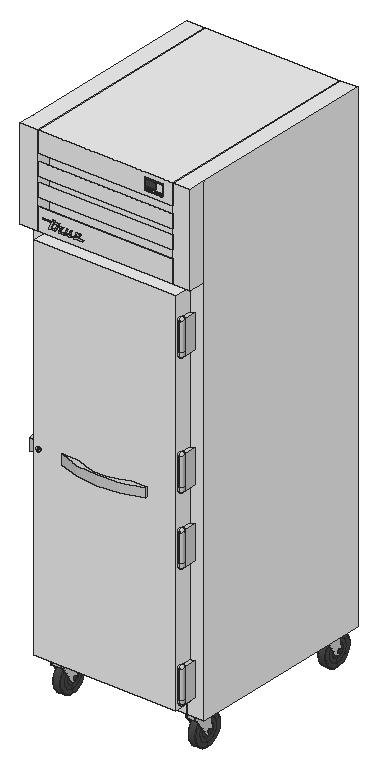
Revit family (continued)
Automatic sketch dimensions
  Revolve 29 sketch curve to plane 7 = 0.62954"
  Revolve 29 sketch curve to plane 4 "RIGHT" = 4.14082"
  Revolve 29 sketch curve to Revolve 29 sketch curve = 1.29707"
  Revolve 29 sketch curve to Revolve 29 sketch curve = 0"
  Revolve 29 sketch curve to Revolve 29 sketch curve = 0.10278"
  Revolve 29 sketch curve to plane 7 = 0.00141"
  plane 7 to Revolve 29 sketch curve = 0.26768"
  Revolve 30 sketch curve to level = 0"
  Revolve 30 sketch curve to plane 7 = 0"
  Revolve 30 sketch curve to plane 4 "RIGHT" = 4.17713"
  level to Revolve 30 sketch curve = 1"
  Revolve 30 sketch curve to plane 4 "RIGHT" = 3 19/32"
  Revolve 30 sketch curve to Revolve 30 sketch curve = 1/4"
  Revolve 30 sketch curve to Revolve 30 sketch curve = 1/2"
  Revolve 30 sketch curve to Revolve 30 sketch curve = 0"
  Revolve 30 sketch curve to Revolve 30 sketch curve = 5/8"
  plane 7 to Revolve 30 sketch curve = 1 25/32"
  Revolve 31 sketch curve to level = 0"
  Revolve 31 sketch curve to plane 7 = 0"
  Revolve 31 sketch curve to plane 4 "RIGHT" = 4.17713"
  level to Revolve 31 sketch curve = 1"
  Revolve 31 sketch curve to plane 4 "RIGHT" = 3 19/32"
  Revolve 31 sketch curve to Revolve 31 sketch curve = 1/4"
  Revolve 31 sketch curve to Revolve 31 sketch curve = 1/2"
  Revolve 31 sketch curve to Revolve 31 sketch curve = 0"
  Revolve 31 sketch curve to Revolve 31 sketch curve = 5/8"
  plane 7 to Revolve 31 sketch curve = 1 25/32"
  Revolve 32 sketch curve to plane 7 = 0.62954"
  Revolve 32 sketch curve to plane 4 "RIGHT" = 4.14082"
  Revolve 32 sketch curve to Revolve 32 sketch curve = 1.29707"
  Revolve 32 sketch curve to Revolve 32 sketch curve = 0"
  Revolve 32 sketch curve to Revolve 32 sketch curve = 0.10278"
  Revolve 32 sketch curve to plane 7 = 0.00141"
  plane 7 to Revolve 32 sketch curve = 0.26768"
  Extrusion 33 sketch curve to plane 7 = 0.63926"  (x2)
  Extrusion 33 sketch curve to plane 5 "FRONT" = 3.79864"
  Extrusion 33 sketch curve to Extrusion 33 sketch curve = 1/4"  (x2)
  Extrusion 33 sketch curve to Extrusion 33 sketch curve = 2 1/2"
  Extrusion 33 sketch curve to plane 7 = 0.93273"  (x2)
  Extrusion 33 sketch curve to Extrusion 33 sketch curve = 0.03603"
  plane 1 "BACK" to Extrusion 33 sketch curve = 3.8577"
  Extrusion 33 sketch curve to plane 7 = 1.24411"
  plane 1 "BACK" to Extrusion 33 sketch curve = 1.1077"
  Revolve 34 sketch curve to plane 4 "RIGHT" = 4.35148"
  Revolve 34 sketch curve to Revolve 34 sketch curve = 0.48273"
  Revolve 34 sketch curve to Revolve 34 sketch curve = 0.4"
  Revolve 34 sketch curve to Revolve 34 sketch curve = 0"  (x2)
  Revolve 34 sketch curve to Revolve 34 sketch curve = 0.1"  (x2)
  Revolve 34 sketch curve to Revolve 34 sketch curve = 0.16101"
  Revolve 34 sketch curve to Revolve 34 sketch curve = 0.75408"
  Revolve 34 sketch curve to Revolve 34 sketch curve = 0.92798"
  Revolve 34 sketch curve to Revolve 34 sketch curve = 0.06101"
  Revolve 34 sketch curve to Revolve 34 sketch curve = 1/2"
  Revolve 34 sketch curve to Revolve 34 sketch curve = 0.16509"
  Revolve 34 sketch curve to Revolve 34 sketch curve = 0.39592"
  level to Revolve 34 sketch curve = 2 1/2"
  Revolve 34 sketch curve to Revolve 34 sketch curve = 0.29941"  (x2)
  Revolve 34 sketch curve to Revolve 34 sketch curve = 3/4"  (x4)
  Revolve 34 sketch curve to Revolve 34 sketch curve = 0.59652"
  Revolve 34 sketch curve to Revolve 34 sketch curve = 0.60059"
  plane 3 "LEFT" to Revolve 35 sketch curve = 1.33602"
  Revolve 35 sketch curve to Revolve 35 sketch curve = 0.48273"
  Revolve 35 sketch curve to plane 8 = 5/8"  (x2)
  Revolve 35 sketch curve to Revolve 35 sketch curve = 0.1"  (x2)
  Revolve 35 sketch curve to Revolve 35 sketch curve = 0.16101"
  plane 8 to Revolve 35 sketch curve = 0.12908"
  plane 8 to Revolve 35 sketch curve = 0.46399"
  plane 8 to Revolve 35 sketch curve = 0.525"
  Revolve 35 sketch curve to Revolve 35 sketch curve = 1/2"
  Revolve 35 sketch curve to Revolve 35 sketch curve = 0.16509"
  Revolve 35 sketch curve to Revolve 35 sketch curve = 0.39592"
  level to Revolve 35 sketch curve = 2 1/2"
  Revolve 35 sketch curve to Revolve 35 sketch curve = 0"
  Revolve 35 sketch curve to Revolve 35 sketch curve = 0.29941"  (x2)
  Revolve 35 sketch curve to Revolve 35 sketch curve = 3/4"  (x4)
  Revolve 35 sketch curve to Revolve 35 sketch curve = 0.59652"
  Revolve 35 sketch curve to Revolve 35 sketch curve = 0.60059"
  Extrusion 36 sketch curve to plane 7 = 0.63926"  (x2)
  Extrusion 36 sketch curve to plane 5 "FRONT" = 3.79864"
  Extrusion 36 sketch curve to Extrusion 36 sketch curve = 1/4"  (x2)
  level to Extrusion 36 sketch curve = 2.18736"  (x2)
  Extrusion 36 sketch curve to Extrusion 36 sketch curve = 1.7492"
  Extrusion 36 sketch curve to Extrusion 36 sketch curve = 0.50669"  (x2)
  Extrusion 36 sketch curve to Extrusion 36 sketch curve = 2 1/2"
  level to Extrusion 36 sketch curve = 2.59003"
  Extrusion 36 sketch curve to Extrusion 36 sketch curve = 0.59966"  (x2)
  plane 1 "BACK" to Extrusion 36 sketch curve = 3.8577"
  plane 1 "BACK" to Extrusion 36 sketch curve = 1.8585"
  plane 1 "BACK" to Extrusion 36 sketch curve = 1.1077"
  Extrusion 36 sketch curve to Extrusion 36 sketch curve = 0.32905"
  Extrusion 36 sketch curve to Extrusion 36 sketch curve = 0.60485"  (x2)
  Extrusion 37 sketch curve to plane 7 = 0.63926"  (x2)
  Extrusion 37 sketch curve to plane 5 "FRONT" = 3.79864"
  Extrusion 37 sketch curve to Extrusion 37 sketch curve = 1/4"  (x2)
  level to Extrusion 37 sketch curve = 2.18736"  (x2)
  Extrusion 37 sketch curve to Extrusion 37 sketch curve = 1.7492"
  Extrusion 37 sketch curve to Extrusion 37 sketch curve = 0.50669"  (x2)
  Extrusion 37 sketch curve to Extrusion 37 sketch curve = 2 1/2"
  level to Extrusion 37 sketch curve = 2.59003"
  Extrusion 37 sketch curve to Extrusion 37 sketch curve = 0.59966"  (x2)
  plane 1 "BACK" to Extrusion 37 sketch curve = 3.8577"
  plane 1 "BACK" to Extrusion 37 sketch curve = 1.8585"
  plane 1 "BACK" to Extrusion 37 sketch curve = 1.1077"
  Extrusion 37 sketch curve to Extrusion 37 sketch curve = 0.32905"
  Extrusion 37 sketch curve to Extrusion 37 sketch curve = 0.60485"  (x2)
  Revolve 38 sketch curve to plane 8 = 0"  (x2)
  Revolve 38 sketch curve to plane 7 = 0.62954"
  Revolve 38 sketch curve to plane 8 = 1.29707"
  Revolve 38 sketch curve to Revolve 38 sketch curve = 0.10278"
  Revolve 38 sketch curve to plane 7 = 0.00141"
  plane 7 to Revolve 38 sketch curve = 0.26768"
  Revolve 39 sketch curve to level = 0"
  Revolve 39 sketch curve to plane 8 = 0"  (x2)
  Revolve 39 sketch curve to plane 8 = 1/2"
  Revolve 39 sketch curve to Revolve 39 sketch curve = 1/4"
  Revolve 39 sketch curve to plane 7 = 0"
  Revolve 39 sketch curve to plane 8 = 1.33338"
  level to Revolve 39 sketch curve = 1"
  Revolve 39 sketch curve to Revolve 39 sketch curve = 5/8"
  plane 7 to Revolve 39 sketch curve = 1 25/32"
  Revolve 40 sketch curve to level = 0"
  Revolve 40 sketch curve to plane 8 = 0"  (x2)
  Revolve 40 sketch curve to plane 8 = 1/2"
  Revolve 40 sketch curve to Revolve 40 sketch curve = 1/4"
  Revolve 40 sketch curve to plane 7 = 0"
  Revolve 40 sketch curve to plane 8 = 1.33338"
  level to Revolve 40 sketch curve = 1"
  Revolve 40 sketch curve to Revolve 40 sketch curve = 5/8"
  plane 7 to Revolve 40 sketch curve = 1 25/32"
  Revolve 41 sketch curve to plane 8 = 0"  (x2)
  Revolve 41 sketch curve to plane 7 = 0.62954"
  Revolve 41 sketch curve to plane 8 = 1.29707"
  Revolve 41 sketch curve to Revolve 41 sketch curve = 0.10278"
  Revolve 41 sketch curve to plane 7 = 0.00141"
  plane 7 to Revolve 41 sketch curve = 0.26768"
  Extrusion 42 sketch curve to plane 7 = 0.63926"  (x2)
  Extrusion 42 sketch curve to plane 5 "FRONT" = 3.79864"
  Extrusion 42 sketch curve to Extrusion 42 sketch curve = 1/4"  (x2)
  Extrusion 42 sketch curve to Extrusion 42 sketch curve = 2 1/2"
  Extrusion 42 sketch curve to plane 7 = 0.93273"  (x2)
  Extrusion 42 sketch curve to Extrusion 42 sketch curve = 0.03603"
  plane 1 "BACK" to Extrusion 42 sketch curve = 3.8577"
  Extrusion 42 sketch curve to plane 7 = 1.24411"
  plane 1 "BACK" to Extrusion 42 sketch curve = 1.1077"
  plane 3 "LEFT" to Revolve 43 sketch curve = 1.33602"
  Revolve 43 sketch curve to Revolve 43 sketch curve = 0.48273"
  Revolve 43 sketch curve to plane 8 = 5/8"  (x2)
  Revolve 43 sketch curve to Revolve 43 sketch curve = 0.1"  (x2)
  Revolve 43 sketch curve to Revolve 43 sketch curve = 0.16101"
  plane 8 to Revolve 43 sketch curve = 0.12908"
  plane 8 to Revolve 43 sketch curve = 0.46399"
  plane 8 to Revolve 43 sketch curve = 0.525"
  Revolve 43 sketch curve to Revolve 43 sketch curve = 1/2"
  Revolve 43 sketch curve to Revolve 43 sketch curve = 0.16509"
  Revolve 43 sketch curve to Revolve 43 sketch curve = 0.39592"
  level to Revolve 43 sketch curve = 2 1/2"
  Revolve 43 sketch curve to Revolve 43 sketch curve = 0"
  Revolve 43 sketch curve to Revolve 43 sketch curve = 0.29941"  (x2)
  Revolve 43 sketch curve to Revolve 43 sketch curve = 3/4"  (x4)
  Revolve 43 sketch curve to Revolve 43 sketch curve = 0.59652"
  Revolve 43 sketch curve to Revolve 43 sketch curve = 0.60059"
  Extrusion 45 sketch curve to plane 8 = 0"
  Extrusion 45 sketch curve to plane 5 "FRONT" = 5.09023"
  Extrusion 46 sketch curve to plane 8 = 0"
  plane 1 "BACK" to Extrusion 46 sketch curve = 2.69102"
  Extrusion 47 sketch curve to plane 4 "RIGHT" = 2 27/32"
  plane 1 "BACK" to Extrusion 47 sketch curve = 2.69102"
  Extrusion 48 sketch curve to plane 4 "RIGHT" = 2 27/32"
  Extrusion 48 sketch curve to plane 5 "FRONT" = 5.09023"
  plane 5 "FRONT" to Extrusion 7 sketch curve = 0"  (x2)
  plane 8 to Extrusion 7 sketch curve = 4.10625"
  plane 5 "FRONT" to Extrusion 7 sketch curve = 0.2"
  Extrusion 7 sketch curve to Extrusion 7 sketch curve = 2.4"  (x2)
  plane 8 to Extrusion 7 sketch curve = 10 29/32"
  Extrusion 7 sketch curve to Extrusion 7 sketch curve = 0"
  Extrusion 7 sketch curve to plane 5 "FRONT" = 7.77899"
  Extrusion 7 sketch curve to Extrusion 7 sketch curve = 7.30945"
  Extrusion 6 sketch curve to plane 8 = 9/16"
  plane 7 to Extrusion 6 sketch curve = 1 29/32"
  Extrusion 6 sketch curve to plane 6 "TOP" = 16 5/32"
  plane 5 "FRONT" to Extrusion 44 sketch curve = 0"
  Extrusion 44 sketch curve to plane 8 = 9/16"
  Extrusion 44 sketch curve to plane 4 "RIGHT" = 2 9/32"
  radius of Extrusion 8 sketch curve = 0.35"
  radius of Extrusion 12 sketch curve = 1/4"
  radius of Extrusion 45 sketch curve = 1 1/2"
  radius of Extrusion 46 sketch curve = 1 1/2"
  radius of Extrusion 47 sketch curve = 1 1/2"
  radius of Extrusion 48 sketch curve = 1 1/2"
Connectors (in)
  electrical at (24.25, -0.0625, 82), driven by "Volts", driven by "Watts"
    settings: on Extrusion 12, index 1, voltage 208 V, apparent load 1500 VA, apparent load phase1 0 VA, apparent load phase2 0 VA, apparent load phase3 0 VA, power factor 1, load classification "Other", number of poles 1, system type 30, power factor state 1, is connector primary yes, connector utility no, sub classification motor no, connector description "Electrical Connection"
